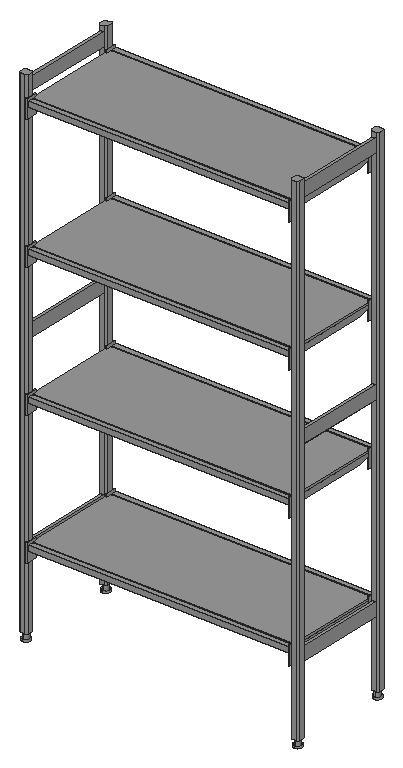
Revit family "QF_ELECTROLUXPROFESSIONAL_137012_ALS950", category Attrezzature speciali, Revit 2020
Family settings
  Quota connettore circolare = Usa diametro
  Tipo di parte = Normale
  Basato su piano di lavoro = No
  Sempre verticale = Sì
  Taglio con vuoti quando caricato = No
  Condiviso = No
  Punto di calcolo locali = No
Parameters (values of type "Standard")
  Weight = 18.00 kg
  Watts = 0 W
  Volts = 0 V
  URL Manufacturer = "https://www.electroluxprofessional.com/"
  URL = "https://www.electroluxprofessional.com/"
  Steam Supply Size = 0 mm
  Steam Supply Minimum Pressure = 0.0 Pa
  Steam Supply Maximum Pressure = 0.0 Pa
  Steam Consumption per Hour = 0
  Refrigeration Suction Line Size = 0.0 mm
  Refrigeration Liquid Line Size = 0.0 mm
  Refrigerant Compressor Remote = yes
  Prospetto di default = 0.0 mm
  Phase = 0
  Modello = "ALS950"
  Produttore = "Electrolux Professional"
  Length Actual = 950.0 mm  # constant formula
  Item Number = "137012"
  Hot Water Size = 0 mm
  Height Actual = 1700.0 mm  # constant formula
  HP = "0 HP"
  Gas Size = 0 mm
  Gas KW = 0
  Gas Input Pressure = 0 W
  Direct Waste Size = 0 mm
  Descrizione = "ALUM.LINEAR SHELV.-POLY.TIERS-373X950MM"
  Depth Actual = 373.0 mm  # constant formula
  Cycle = 0 Hz
  Condensate Return Size = 0 mm
  Compressed Air Volume = 0.0 L/s
  Compressed Air Size = 0 mm
  Compressed Air Pressure = 0.0 Pa
  Cold Water Size = 0 mm
  Accessory = yes
Reference planes
  plane 1: z = 0
  plane 2 "Center (Left/Right)": x = -31
  plane 3 "LEFT": x = -506
  plane 4 "RIGHT": x = 444
  plane 5 "BACK": y = 23
  plane 6 "FRONT": y = -350
  plane 7 "TOP": z = 1700
  plane 8: x = 439
  plane 9: x = -474
  plane 10: x = 412
  plane 11 "Center (Front/Back)": y = -163.5
  plane 12: x = 407
  plane 13: y = -8.5
  plane 14: y = -318.5
  plane 15 "FEET": z = 25
  plane 16: z = 275
  plane 17: z = 725
  plane 18: z = 1175
  plane 19: z = 1625
  plane 20 "CXLeft": x = -492
  plane 21 "CXRight": x = 430
  plane 22: y = 5.5
  plane 23 "CYBack": y = 5.5
  plane 24 "CYFront": y = -332.5
Forms (mm)
  Extrusion 1, solid, material "QF_Aluminum"
    sketch origin (-506, 0, 0) x (0, 1, 0) y (0, 0, 1)
      loop
        line (4, 1650.994) -> (4, 1632.998) -> (23, 1632.998) -> (23, 1650.994) -> (4, 1650.994)
      loop
        line (-331, 1650.994) -> (-350, 1650.994) -> (-350, 1632.998) -> (-331, 1632.998) -> (-331, 1650.994)
      loop
        line (4, 1200.994) -> (4, 1182.998) -> (23, 1182.998) -> (23, 1200.994) -> (4, 1200.994)
      loop
        line (-331, 1200.994) -> (-350, 1200.994) -> (-350, 1182.998) -> (-331, 1182.998) -> (-331, 1200.994)
      loop
        line (4, 750.994) -> (4, 732.998) -> (23, 732.998) -> (23, 750.994) -> (4, 750.994)
      loop
        line (-331, 750.994) -> (-350, 750.994) -> (-350, 732.998) -> (-331, 732.998) -> (-331, 750.994)
      loop
        line (4, 300.994) -> (4, 282.998) -> (23, 282.998) -> (23, 300.994) -> (4, 300.994)
      loop
        line (-331, 300.994) -> (-350, 300.994) -> (-350, 282.998) -> (-331, 282.998) -> (-331, 300.994)
    from 32 to 918
  Extrusion 2, solid, material "QF_Polyethylene"
    sketch origin (-506, 0, 0) x (0, 1, 0) y (0, 0, 1)
      loop
        line (2.007, 1650.994) -> (-329, 1650.994) -> (-329, 1644.496) -> (2.007, 1644.496) -> (2.007, 1650.994)
      loop
        line (2.007, 1200.994) -> (-329, 1200.994) -> (-329, 1194.496) -> (2.007, 1194.496) -> (2.007, 1200.994)
      loop
        line (2.007, 750.994) -> (-329, 750.994) -> (-329, 744.496) -> (2.007, 744.496) -> (2.007, 750.994)
      loop
        line (2.007, 300.994) -> (-329, 300.994) -> (-329, 294.496) -> (2.007, 294.496) -> (2.007, 300.994)
    from 32 to 918
  Extrusion 3, solid, material "QF_Aluminum"
    sketch origin (444, 0, 0) x (0, 1, 0) y (0, 0, 1)
      loop
        line (-12, 1632.998) -> (4, 1632.998) -> (4, 1650.994) -> (2.007, 1650.994) -> (2.007, 1644.496) -> (-329, 1644.496) -> (-329, 1650.994) -> (-331, 1650.994) -> (-331, 1632.998) -> (-315, 1632.998) -> (-281, 1620.994) -> (-46, 1620.994) -> (-12, 1632.998)
      loop
        line (-12, 1182.998) -> (4, 1182.998) -> (4, 1200.994) -> (2.007, 1200.994) -> (2.007, 1194.496) -> (-329, 1194.496) -> (-329, 1200.994) -> (-331, 1200.994) -> (-331, 1182.998) -> (-315, 1182.998) -> (-281, 1170.994) -> (-46, 1170.994) -> (-12, 1182.998)
      loop
        line (-12, 732.998) -> (4, 732.998) -> (4, 750.994) -> (2.007, 750.994) -> (2.007, 744.496) -> (-329, 744.496) -> (-329, 750.994) -> (-331, 750.994) -> (-331, 732.998) -> (-315, 732.998) -> (-281, 720.994) -> (-46, 720.994) -> (-12, 732.998)
      loop
        line (-12, 282.998) -> (4, 282.998) -> (4, 300.994) -> (2.007, 300.994) -> (2.007, 294.496) -> (-329, 294.496) -> (-329, 300.994) -> (-331, 300.994) -> (-331, 282.998) -> (-315, 282.998) -> (-281, 270.994) -> (-46, 270.994) -> (-12, 282.998)
    from -32 to -37
Lines and regions (mm)
  symbolic lines
    curve 1: line (412, 4, 1700) -> (-474, 4, 1700)
    curve 2: line (-478, 23, 1700) -> (416, 23, 1700)
    curve 3: line (416, 13.246, 1700) -> (422.254, 19.5, 1700)
    curve 4: line (422.254, -8.5, 1700) -> (416, -2.246, 1700)
    curve 5: line (422.254, -318.5, 1700) -> (416, -324.754, 1700)
    curve 6: line (-478, -350, 1700) -> (416, -350, 1700)
    curve 7: line (416, 23, 1700) -> (416, -12.993, 1700)
    curve 8: line (416, -12.993, 1700) -> (412, -12.993, 1700)
    curve 9: line (416, -350, 1700) -> (416, -314.007, 1700)
    curve 10: line (416, -314.007, 1700) -> (412, -314.007, 1700)
    curve 11: line (-474, -12.993, 1700) -> (-474, -314.007, 1700)
    curve 12: line (-474, -331, 1700) -> (412, -331, 1700)
    curve 13: line (412, -12.993, 1700) -> (412, -314.007, 1700)
Dimensions and locks
  locked: plane 3 "LEFT" to plane 4 "RIGHT" at 950
  equal spacing: plane 3 "LEFT", plane 2 "Center (Left/Right)", plane 4 "RIGHT"
  locked: plane 7 "TOP" to level at 1700
  locked: plane 5 "BACK" to plane 6 "FRONT" at 373
  locked: plane 4 "RIGHT" to plane 8 at 5
  locked: plane 9 to plane 10 at 886
  locked: plane 3 "LEFT" to plane 9 at 32
  plane 12 to plane 10 = 5.0 mm
  locked: plane 13 to plane 14 at 310
  equal spacing: plane 13, plane 11 "Center (Front/Back)", plane 14
  equal spacing: plane 5 "BACK", plane 11 "Center (Front/Back)", plane 6 "FRONT"
  plane 15 "FEET" to level = 25.0 mm
  plane 7 "TOP" to plane 15 "FEET" = 1675.0 mm
  plane 16 to plane 15 "FEET" = 250.0 mm
  plane 17 to plane 16 = 450.0 mm
  plane 18 to plane 17 = 450.0 mm
  plane 19 to plane 18 = 450.0 mm
  locked: plane 3 "LEFT" to plane 20 "CXLeft" at 14
  locked: plane 21 "CXRight" to plane 4 "RIGHT" at 14
  locked: plane 5 "BACK" to plane 23 "CYBack" at 17.5
  locked: plane 24 "CYFront" to plane 6 "FRONT" at 17.5
  aligned and locked: level to plane 1
  aligned and locked: plane 9 to Extrusion 2
  aligned and locked: Extrusion 2 to plane 10
  aligned and locked: plane 9 to Extrusion 1
  aligned and locked: Extrusion 1 to plane 10
  aligned and locked: Extrusion 1 sketch curve to Extrusion 1 sketch curve  (x2)
  aligned and locked: Extrusion 3 sketch curve to Extrusion 3 sketch curve  (x3)
  aligned and locked: Extrusion 3 to plane 12
  aligned and locked: Extrusion 3 to plane 10
  aligned and locked: plane 20 "CXLeft" to nested 1
  aligned and locked: plane 21 "CXRight" to nested 2
Automatic sketch dimensions
  Extrusion 1 sketch curve to plane 6 "FRONT" = 0.0 mm  (x4)
  Extrusion 1 sketch curve to plane 5 "BACK" = 0.0 mm  (x4)
  plane 24 "CYFront" to Extrusion 1 sketch curve = 1.5 mm  (x2)
  plane 22 to Extrusion 1 sketch curve = 1.5 mm  (x4)
  plane 16 to Extrusion 1 sketch curve = 7.998 mm  (x2)
  Extrusion 1 sketch curve to Extrusion 1 sketch curve = 17.997 mm  (x8)
  plane 17 to Extrusion 1 sketch curve = 7.998 mm  (x2)
  plane 18 to Extrusion 1 sketch curve = 7.998 mm  (x2)
  plane 19 to Extrusion 1 sketch curve = 7.998 mm  (x2)
  plane 24 "CYFront" to Extrusion 2 sketch curve = 3.5 mm  (x4)
  plane 22 to Extrusion 2 sketch curve = 3.493 mm  (x4)
  plane 16 to Extrusion 2 sketch curve = 19.496 mm
  Extrusion 2 sketch curve to Extrusion 2 sketch curve = 6.499 mm  (x4)
  plane 17 to Extrusion 2 sketch curve = 19.496 mm
  plane 18 to Extrusion 2 sketch curve = 19.496 mm
  plane 19 to Extrusion 2 sketch curve = 19.496 mm
  plane 24 "CYFront" to Extrusion 3 sketch curve = 1.5 mm  (x4)
  Extrusion 3 sketch curve to Extrusion 3 sketch curve = 2.0 mm
  plane 14 to Extrusion 3 sketch curve = 3.5 mm  (x4)
  Extrusion 3 sketch curve to plane 16 = 4.006 mm
  Extrusion 3 sketch curve to Extrusion 3 sketch curve = 34.0 mm  (x4)
  Extrusion 3 sketch curve to plane 17 = 4.006 mm
  Extrusion 3 sketch curve to plane 18 = 4.006 mm
  Extrusion 3 sketch curve to plane 19 = 4.006 mm
  Extrusion 3 sketch curve to plane 13 = 37.5 mm  (x4)
  Extrusion 3 sketch curve to plane 13 = 3.5 mm  (x4)
  plane 22 to Extrusion 3 sketch curve = 3.493 mm  (x4)
  plane 22 to Extrusion 3 sketch curve = 1.5 mm  (x4)
  plane 16 to Extrusion 3 sketch curve = 7.998 mm  (x2)
  Extrusion 3 sketch curve to Extrusion 3 sketch curve = 11.498 mm  (x4)
  Extrusion 3 sketch curve to Extrusion 3 sketch curve = 6.499 mm  (x8)
  plane 17 to Extrusion 3 sketch curve = 7.998 mm  (x2)
  plane 18 to Extrusion 3 sketch curve = 7.998 mm  (x2)
  plane 19 to Extrusion 3 sketch curve = 7.998 mm  (x2)
  curve 6 to plane 6 "FRONT" = 0.0 mm
  curve 12 to plane 9 = 0.0 mm
  curve 12 to plane 10 = 0.0 mm
  curve 5 to plane 14 = 0.0 mm
  curve 11 to plane 9 = 0.0 mm
  curve 8 to plane 10 = 0.0 mm
  curve 4 to plane 13 = 0.0 mm
  curve 1 to plane 9 = 0.0 mm
  curve 1 to plane 10 = 0.0 mm
  curve 2 to plane 5 "BACK" = 0.0 mm
  plane 14 to curve 10 = 4.493 mm
  curve 7 to plane 13 = 4.493 mm
  curve 10 to plane 10 = 4.0 mm
  curve 7 to plane 10 = 4.0 mm
  plane 24 "CYFront" to curve 12 = 1.5 mm
  curve 5 to plane 14 = 6.254 mm
  plane 14 to curve 11 = 4.493 mm
  curve 11 to plane 13 = 4.493 mm
  plane 13 to curve 4 = 6.254 mm
  plane 22 to curve 1 = 1.5 mm
  curve 3 to plane 22 = 7.746 mm
  curve 3 to plane 5 "BACK" = 3.5 mm
  curve 5 to curve 9 = 6.254 mm
  curve 3 to curve 2 = 6.254 mm
  curve 4 to curve 7 = 6.254 mm
  plane 9 to curve 2 = 4.0 mm
  plane 9 to curve 6 = 4.0 mm
Nested families
  nested 1: "WT_Anta373" at (-89, 0, 0), type "WT_Anta373"
  nested 2: "WT_Anta373" at (27, 0, 0) x (-1, 0, 0) z (0, 0, 1), type "WT_Anta373"
Definition of nested family "WT_Anta373"
  Parameters
    WidthLeft = A + 64.0 mm  # 772.0 mm
    Width = 1606.0 mm
    Right = WidthLeft / 2  # 386.0 mm
    Default Elevation = 0.0 mm
    Left = -WidthLeft / 2  # -386.0 mm
    Height = 1725.0 mm
    FEET = 25.0 mm
    E = 0.0 mm
    Dint = Depth - 63.0 mm  # 310.0 mm
    Dext = Depth - 8.0 mm  # 365.0 mm
    Depth = 373.0 mm
    DX = (WidthLeft - A) / 2  # 32.0 mm
    B = 798.0 mm
    A = 708.0 mm
  Reference planes
    plane 1: z = 0
    plane 2 "LEFT": x = -417
    plane 3 "BACK": y = 23
    plane 4 "FRONT": y = -350
    plane 5 "TOP": z = 1725
    plane 6 "Center (Front/Back)": y = -163.5
    plane 7: y = -8.5
    plane 8: y = -318.5
    plane 9 "FEET": z = 25
    plane 10: z = 275
    plane 11: z = 725
    plane 12: z = 1175
    plane 13: z = 1625
    plane 14 "CXLeft": x = -403
    plane 15: y = 5.5
    plane 16 "CYBack": y = 5.5
    plane 17 "CYFront": y = -332.5
    plane 18: x = -385.031
    plane 19: x = -380.031
  Forms (mm)
    Extrusion 1, solid
      sketch origin (0, 0, 0) x (1, 0, 0) y (0, 1, 0)
        loop
          line (-417, 13.246) -> (-417, -2.246) -> (-410.746, -8.5) -> (-395.254, -8.5) -> (-389, -2.246) -> (-389, 13.246) -> (-395.254, 19.5) -> (-410.746, 19.5) -> (-417, 13.246)
      from 1725 to 25
    Extrusion 2, solid
      sketch origin (-417, 0, 0) x (0, 1, 0) y (0, 0, 1)
        loop
          line (23, 246.005) -> (23, 307.993) -> (-12.993, 307.993) -> (-12.993, 246.005) -> (23, 246.005)
        loop
          line (-350, 246.005) -> (-314.007, 246.005) -> (-314.007, 307.993) -> (-350, 307.993) -> (-350, 246.005)
        loop
          line (23, 696.005) -> (23, 757.993) -> (-12.993, 757.993) -> (-12.993, 696.005) -> (23, 696.005)
        loop
          line (-350, 696.005) -> (-314.007, 696.005) -> (-314.007, 757.993) -> (-350, 757.993) -> (-350, 696.005)
        loop
          line (23, 1146.005) -> (23, 1207.993) -> (-12.993, 1207.993) -> (-12.993, 1146.005) -> (23, 1146.005)
        loop
          line (-350, 1146.005) -> (-314.007, 1146.005) -> (-314.007, 1207.993) -> (-350, 1207.993) -> (-350, 1146.005)
        loop
          line (23, 1596.005) -> (23, 1657.993) -> (-12.993, 1657.993) -> (-12.993, 1596.005) -> (23, 1596.005)
        loop
          line (-350, 1596.005) -> (-314.007, 1596.005) -> (-314.007, 1657.993) -> (-350, 1657.993) -> (-350, 1596.005)
      from 28 to 32
    Revolve 3, solid
      sketch origin (-403, 0, 0) x (0, 1, 0) y (0, 0, 1)
        loop
          line (5.5, 25) -> (5.5, 0) -> (19, 0) -> (19, 5) -> (14, 5) -> (14, 25) -> (5.5, 25)
        axis (5.5, 25) -> (5.5, 0)
      angle from 0 to 360
    Extrusion 4, solid
      sketch origin (-403, 0, 0) x (0, 1, 0) y (0, 0, 1)
        loop
          line (-8.5, 912.382) -> (-8.5, 957.374) -> (-318.5, 957.374) -> (-318.5, 912.382) -> (-8.5, 912.382)
        loop
          line (-8.5, 1662.244) -> (-8.5, 1707.236) -> (-318.5, 1707.236) -> (-318.5, 1662.244) -> (-8.5, 1662.244)
      from -5 to 5
    Revolve 5, solid
      sketch origin (-403, -627, 0) x (0, -1, 0) y (0, 0, 1)
        loop
          line (-294.5, 25) -> (-294.5, 0) -> (-281, 0) -> (-281, 5) -> (-286, 5) -> (-286, 25) -> (-294.5, 25)
        axis (-294.5, 25) -> (-294.5, 0)
      angle from 0 to 360
    Extrusion 6, solid
      sketch origin (0, -627, 0) x (1, 0, 0) y (0, 1, 0)
        loop
          line (-417, 286.754) -> (-410.746, 280.5) -> (-395.254, 280.5) -> (-389, 286.754) -> (-389, 302.246) -> (-395.254, 308.5) -> (-410.746, 308.5) -> (-417, 302.246) -> (-417, 286.754)
      from 1725 to 25
    Extrusion 7, solid
      sketch origin (-417.031, -0.022, 0) x (0, 1, 0) y (0, 0, -1)
        loop
          line (-12, -1632.998) -> (-46, -1620.994) -> (-281, -1620.994) -> (-315, -1632.998) -> (-331, -1632.998) -> (-331, -1650.994) -> (-329, -1650.994) -> (-329, -1644.496) -> (2.007, -1644.496) -> (2.007, -1650.994) -> (4, -1650.994) -> (4, -1632.998) -> (-12, -1632.998)
        loop
          line (-12, -1182.998) -> (-46, -1170.994) -> (-281, -1170.994) -> (-315, -1182.998) -> (-331, -1182.998) -> (-331, -1200.994) -> (-329, -1200.994) -> (-329, -1194.496) -> (2.007, -1194.496) -> (2.007, -1200.994) -> (4, -1200.994) -> (4, -1182.998) -> (-12, -1182.998)
        loop
          line (-12, -732.998) -> (-46, -720.994) -> (-281, -720.994) -> (-315, -732.998) -> (-331, -732.998) -> (-331, -750.994) -> (-329, -750.994) -> (-329, -744.496) -> (2.007, -744.496) -> (2.007, -750.994) -> (4, -750.994) -> (4, -732.998) -> (-12, -732.998)
        loop
          line (-12, -282.998) -> (-46, -270.994) -> (-281, -270.994) -> (-315, -282.998) -> (-331, -282.998) -> (-331, -300.994) -> (-329, -300.994) -> (-329, -294.496) -> (2.007, -294.496) -> (2.007, -300.994) -> (4, -300.994) -> (4, -282.998) -> (-12, -282.998)
      from -32 to -37
    Extrusion 8, solid
      sketch origin (-403, 0, -659.878) x (0, 1, 0) y (0, 0, 1)
        loop
          line (-8.5, 912.382) -> (-8.5, 957.374) -> (-318.5, 957.374) -> (-318.5, 912.382) -> (-8.5, 912.382)
        loop
          line (-8.5, 1572.382) -> (-8.5, 1617.374) -> (-318.5, 1617.374) -> (-318.5, 1572.382) -> (-8.5, 1572.382)
        loop
          line (-8.5, 2322.382) -> (-8.5, 2367.374) -> (-318.5, 2367.374) -> (-318.5, 2322.382) -> (-8.5, 2322.382)
      from -5 to 5
  Lines and regions (mm)
    symbolic lines
      curve 1: line (-408, -8.5, 1725) -> (-408, -318.5, 1725)
      curve 2: line (-398, -318.5, 1725) -> (-398, -8.5, 1725)
      curve 3: line (-395.254, -8.5, 1725) -> (-410.746, -8.5, 1725)
      curve 4: line (-417, -2.246, 1725) -> (-410.746, -8.5, 1725)
      curve 5: line (-417, 13.246, 1725) -> (-417, -2.246, 1725)
      curve 6: line (-410.746, 19.5, 1725) -> (-417, 13.246, 1725)
      curve 7: line (-395.254, 19.5, 1725) -> (-410.746, 19.5, 1725)
      curve 8: line (-389, 13.246, 1725) -> (-395.254, 19.5, 1725)
      curve 9: line (-395.254, -8.5, 1725) -> (-389, -2.246, 1725)
      curve 10: line (-395.254, -318.5, 1725) -> (-410.746, -318.5, 1725)
      curve 11: line (-417, -324.754, 1725) -> (-410.746, -318.5, 1725)
      curve 12: line (-410.746, -346.5, 1725) -> (-417, -340.246, 1725)
      curve 13: line (-395.254, -346.5, 1725) -> (-410.746, -346.5, 1725)
      curve 14: line (-389, -340.246, 1725) -> (-395.254, -346.5, 1725)
      curve 15: line (-395.254, -318.5, 1725) -> (-389, -324.754, 1725)
      curve 16: line (-389, -350, 1725) -> (-389, -314.007, 1725)
      curve 17: line (-389, -314.007, 1725) -> (-385, -314.007, 1725)
      curve 18: line (-389, 23, 1725) -> (-389, -12.993, 1725)
      curve 19: line (-389, -12.993, 1725) -> (-385, -12.993, 1725)
      curve 20: line (-417, -324.754, 1725) -> (-417, -340.246, 1725)
      curve 21: line (-385, -350, 1725) -> (-385, -314.007, 1725)
      curve 22: line (-385, -350, 1725) -> (-389, -350, 1725)
      curve 23: line (-385, 23, 1725) -> (-389, 23, 1725)
      curve 24: line (-385, -12.993, 1725) -> (-385, 23, 1725)
      curve 25: line (-385.031, -13.016, 1725) -> (-385.031, -314.029, 1725)
  Dimensions and locks
    "Height": plane 5 "TOP" to level
    "Depth": plane 3 "BACK" to plane 4 "FRONT"
    "Dint": plane 7 to plane 8
    equal spacing: plane 7, plane 6 "Center (Front/Back)", plane 8
    equal spacing: plane 3 "BACK", plane 6 "Center (Front/Back)", plane 4 "FRONT"
    plane 9 "FEET" to level = 25.0 mm
    plane 5 "TOP" to plane 9 "FEET" = 1700.0 mm
    plane 10 to plane 9 "FEET" = 250.0 mm
    plane 11 to plane 10 = 450.0 mm
    plane 12 to plane 11 = 450.0 mm
    plane 13 to plane 12 = 450.0 mm
    locked: plane 2 "LEFT" to plane 14 "CXLeft" at 14
    locked: plane 3 "BACK" to plane 16 "CYBack" at 17.5
    locked: plane 17 "CYFront" to plane 4 "FRONT" at 17.5
    locked: Revolve 3 sketch curve to Revolve 3 sketch curve at 8.5
    locked: Revolve 3 sketch curve to plane 16 "CYBack" at 13.5
    locked: Revolve 5 sketch curve to Revolve 5 sketch curve at 8.5
    aligned and locked: level to plane 1
    aligned and locked: curve 20 to Extrusion 6
    aligned and locked: plane 5 "TOP" to Extrusion 1
    aligned and locked: plane 5 "TOP" to Extrusion 6
    aligned and locked: Extrusion 7 sketch curve to Extrusion 7 sketch curve  (x3)
  Automatic sketch dimensions
    curve 16 to plane 4 "FRONT" = 0.0 mm
    curve 11 to plane 8 = 0.0 mm
    curve 9 to plane 7 = 0.0 mm
    curve 5 to plane 2 "LEFT" = 0.0 mm
    curve 23 to plane 3 "BACK" = 0.0 mm
    plane 4 "FRONT" to curve 13 = 3.5 mm
    curve 20 to plane 17 "CYFront" = 7.746 mm
    curve 20 to plane 8 = 6.254 mm
    plane 8 to curve 16 = 4.493 mm
    curve 24 to plane 18 = 0.031 mm
    curve 24 to plane 7 = 4.493 mm
    plane 7 to curve 5 = 6.254 mm
    curve 5 to plane 15 = 7.746 mm
    curve 6 to plane 3 "BACK" = 3.5 mm
    curve 21 to plane 18 = 0.031 mm
    plane 18 to curve 23 = 3.969 mm
    plane 18 to curve 16 = 3.969 mm
    curve 18 to curve 8 = 6.254 mm
    curve 18 to curve 3 = 6.254 mm
    curve 16 to curve 13 = 6.254 mm
    curve 16 to curve 15 = 6.254 mm
    plane 2 "LEFT" to curve 10 = 6.254 mm
    plane 2 "LEFT" to curve 7 = 6.254 mm
    plane 2 "LEFT" to curve 12 = 6.254 mm
    plane 2 "LEFT" to curve 3 = 6.254 mm
    curve 14 to plane 17 "CYFront" = 7.746 mm
    curve 15 to plane 8 = 6.254 mm
    plane 7 to curve 9 = 6.254 mm
    curve 8 to plane 15 = 7.746 mm
    curve 3 to curve 2 = 2.746 mm
    curve 1 to curve 10 = 2.746 mm
    Extrusion 1 sketch curve to plane 2 "LEFT" = 0.0 mm
    Extrusion 1 sketch curve to plane 7 = 0.0 mm
    plane 2 "LEFT" to Extrusion 1 sketch curve = 6.254 mm  (x2)
    plane 14 "CXLeft" to Extrusion 1 sketch curve = 7.746 mm  (x2)
    Extrusion 1 sketch curve to plane 3 "BACK" = 3.5 mm
    plane 18 to Extrusion 1 sketch curve = 3.969 mm
    plane 7 to Extrusion 1 sketch curve = 6.254 mm  (x2)
    Extrusion 1 sketch curve to plane 15 = 7.746 mm  (x2)
    Extrusion 2 sketch curve to plane 4 "FRONT" = 0.0 mm  (x4)
    Extrusion 2 sketch curve to plane 3 "BACK" = 0.0 mm  (x4)
    plane 8 to Extrusion 2 sketch curve = 4.493 mm  (x4)
    Extrusion 2 sketch curve to plane 7 = 4.493 mm  (x4)
    Extrusion 2 sketch curve to plane 10 = 28.995 mm  (x2)
    plane 10 to Extrusion 2 sketch curve = 32.993 mm  (x2)
    Extrusion 2 sketch curve to plane 11 = 28.995 mm  (x2)
    plane 11 to Extrusion 2 sketch curve = 32.993 mm  (x2)
    Extrusion 2 sketch curve to plane 12 = 28.995 mm  (x2)
    plane 12 to Extrusion 2 sketch curve = 32.993 mm  (x2)
    Extrusion 2 sketch curve to plane 13 = 28.995 mm  (x2)
    plane 13 to Extrusion 2 sketch curve = 32.993 mm  (x2)
    Revolve 3 sketch curve to plane 9 "FEET" = 0.0 mm  (x2)
    Revolve 3 sketch curve to plane 15 = 0.0 mm  (x2)
    Revolve 3 sketch curve to level = 0.0 mm
    level to Revolve 3 sketch curve = 5.0 mm
    Revolve 3 sketch curve to Revolve 3 sketch curve = 11.655 mm
    Extrusion 4 sketch curve to plane 8 = 0.0 mm  (x2)
    Extrusion 4 sketch curve to plane 7 = 0.0 mm  (x2)
    plane 11 to Extrusion 4 sketch curve = 187.382 mm
    Extrusion 4 sketch curve to Extrusion 4 sketch curve = 44.992 mm
    plane 13 to Extrusion 4 sketch curve = 37.244 mm
    Extrusion 4 sketch curve to plane 5 "TOP" = 17.764 mm
    Revolve 5 sketch curve to plane 9 "FEET" = 0.0 mm  (x2)
    Revolve 5 sketch curve to plane 17 "CYFront" = 0.0 mm  (x2)
    Revolve 5 sketch curve to level = 0.0 mm
    Revolve 5 sketch curve to plane 4 "FRONT" = 4.0 mm
    Revolve 5 sketch curve to Revolve 5 sketch curve = 5.0 mm
    level to Revolve 5 sketch curve = 11.655 mm
    Extrusion 6 sketch curve to plane 2 "LEFT" = 0.0 mm
    Extrusion 6 sketch curve to plane 8 = 0.0 mm
    Extrusion 6 sketch curve to plane 2 "LEFT" = 6.254 mm  (x2)
    Extrusion 6 sketch curve to plane 14 "CXLeft" = 7.746 mm  (x2)
    Extrusion 6 sketch curve to plane 4 "FRONT" = 3.5 mm
    Extrusion 6 sketch curve to plane 18 = 3.969 mm
    plane 8 to Extrusion 6 sketch curve = 6.254 mm  (x2)
    plane 17 "CYFront" to Extrusion 6 sketch curve = 7.746 mm  (x2)
    plane 17 "CYFront" to Extrusion 7 sketch curve = 1.478 mm  (x4)
    Extrusion 7 sketch curve to Extrusion 7 sketch curve = 2.0 mm
    plane 8 to Extrusion 7 sketch curve = 3.478 mm  (x4)
    Extrusion 7 sketch curve to plane 10 = 4.006 mm
    Extrusion 7 sketch curve to Extrusion 7 sketch curve = 34.0 mm  (x4)
    Extrusion 7 sketch curve to plane 11 = 4.006 mm
    Extrusion 7 sketch curve to plane 12 = 4.006 mm
    Extrusion 7 sketch curve to plane 13 = 4.006 mm
    Extrusion 7 sketch curve to plane 7 = 37.522 mm  (x4)
    Extrusion 7 sketch curve to plane 7 = 3.522 mm  (x4)
    plane 15 to Extrusion 7 sketch curve = 3.516 mm  (x4)
    plane 15 to Extrusion 7 sketch curve = 1.522 mm  (x4)
    plane 13 to Extrusion 7 sketch curve = 7.998 mm  (x2)
    Extrusion 7 sketch curve to Extrusion 7 sketch curve = 11.498 mm
    Extrusion 7 sketch curve to Extrusion 7 sketch curve = 6.499 mm  (x5)
    plane 12 to Extrusion 7 sketch curve = 25.994 mm  (x2)
    plane 12 to Extrusion 7 sketch curve = 7.998 mm  (x2)
    plane 11 to Extrusion 7 sketch curve = 25.994 mm  (x2)
    plane 11 to Extrusion 7 sketch curve = 7.998 mm  (x2)
    plane 10 to Extrusion 7 sketch curve = 25.994 mm  (x2)
    plane 10 to Extrusion 7 sketch curve = 7.998 mm  (x2)
    curve 25 to plane 18 = 0.0 mm
    plane 8 to curve 25 = 4.471 mm
    curve 25 to plane 7 = 4.516 mm
    Extrusion 8 sketch curve to plane 8 = 0.0 mm  (x3)
    Extrusion 8 sketch curve to plane 7 = 0.0 mm  (x3)
    Extrusion 8 sketch curve to plane 10 = 22.496 mm
    plane 10 to Extrusion 8 sketch curve = 22.496 mm
    plane 11 to Extrusion 8 sketch curve = 187.504 mm
    Extrusion 8 sketch curve to Extrusion 8 sketch curve = 44.992 mm
    plane 13 to Extrusion 8 sketch curve = 37.504 mm
    Extrusion 8 sketch curve to plane 5 "TOP" = 17.504 mm
